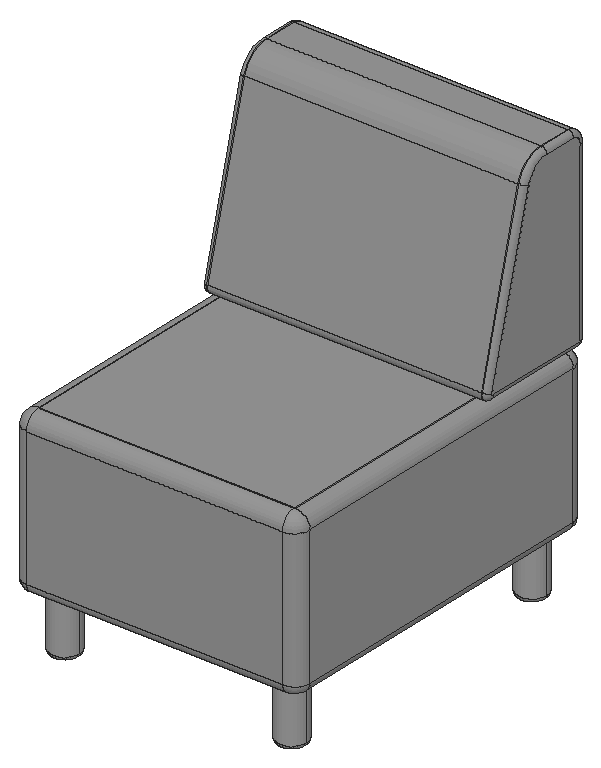
Revit family "7000C Single Chair Armless - Kids", category Generic Models, Revit 2018
Family settings
  Can host rebar = No
  Round Connector Dimension = Use Diameter
  Part Type = Normal
  Work Plane-Based = No
  Always vertical = Yes
  Cut with Voids When Loaded = No
  Shared = No
  Room Calculation Point = No
Parameters
  Top Fabric = 7000C Top Fabric
  Bottom Fabric = 7000C Bottom Fabric
Reference planes (in)
  plane 1 "Center (Front/Back)": y = 0
  plane 2: z = 0
  plane 3 "Center (Left/Right)": x = 0
Forms (in)
  Extrusion 1, solid, material "7000C Bottom Fabric" <- "Bottom Fabric"
    sketch origin (0, 0, 0) x (1, 0, 0) y (0, 1, 0)
      loop
        arc (-8.72909, 11.25066) -> (-8.74388, 11.24454) -> (-8.75, 11.22975) r 0.02091
        line (-8.75, 11.22975) -> (-8.75, -11.22975)
        arc (-8.75, -11.22975) -> (-8.74426, -11.2436) -> (-8.73041, -11.24934) r 0.01959
        line (-8.73041, -11.24934) -> (8.73041, -11.24934)
        arc (8.73041, -11.24934) -> (8.74426, -11.2436) -> (8.75, -11.22975) r 0.01959
        line (8.75, -11.22975) -> (8.75, 11.22975)
        arc (8.75, 11.22975) -> (8.74388, 11.24454) -> (8.72909, 11.25066) r 0.02091
        line (8.72909, 11.25066) -> (-8.72909, 11.25066)
    from 4 to 15
  Sweep 2, solid, material "7000C Bottom Fabric" <- "Bottom Fabric"
    path origin (0, 0, 0) x (1, 0, 0) y (0, 1, 0)
      loop
        line (8.72909, 11.25066) -> (-8.72909, 11.25066)
        arc (-8.72909, 11.25066) -> (-8.74388, 11.24454) -> (-8.75, 11.22975) r 0.02091
        line (-8.75, 11.22975) -> (-8.75, -11.22975)
        arc (-8.75, -11.22975) -> (-8.74426, -11.2436) -> (-8.73041, -11.24934) r 0.01959
        line (-8.73041, -11.24934) -> (8.73041, -11.24934)
        arc (8.73041, -11.24934) -> (8.74426, -11.2436) -> (8.75, -11.22975) r 0.01959
        line (8.75, -11.22975) -> (8.75, 11.22975)
        arc (8.75, 11.22975) -> (8.74388, 11.24454) -> (8.72909, 11.25066) r 0.02091
    profile origin (0, 11.25066, 0) x (0, -1, 0) y (0, 0, 1)
      loop
        arc (0, 15) -> (-0.70711, 14.70711) -> (-1, 14) r 1
        line (-1, 14) -> (-1, 4.61745)
        arc (-1, 4.61745) -> (-0.85933, 4.22019) -> (-0.5, 4) r 0.63124
        line (-0.5, 4) -> (0, 4) -> (0, 15)
  Revolve 3, solid, material "7000C Frame"
    sketch origin (0, -10.24934, 0) x (1, 0, 0) y (0, 0, 1)
      loop
        line (-7.75, 4) -> (-7.75, 0) -> (-6.95, 0)
        arc (-6.95, 0) -> (-6.80858, 0.05858) -> (-6.75, 0.2) r 0.2
        line (-6.75, 0.2) -> (-6.75, 4) -> (-7.75, 4)
      axis (-7.75, 4) -> (-7.75, 0)
    angle from 0 to 360
  Revolve 4, solid, material "7000C Frame"
    sketch origin (0, -10.24934, 0) x (-1, 0, 0) y (0, 0, -1)
      loop
        line (-7.75, -4) -> (-6.75, -4) -> (-6.75, -0.2)
        arc (-6.75, -0.2) -> (-6.80858, -0.05858) -> (-6.95, 0) r 0.2
        line (-6.95, 0) -> (-7.75, 0) -> (-7.75, -4)
      axis (-7.75, -4) -> (-7.75, 0)
    angle from 0 to 360
  Revolve 5, solid, material "7000C Frame"
    sketch origin (0, 10.24934, 0) x (1, 0, 0) y (0, 0, -1)
      loop
        line (-7.75, -4) -> (-6.75, -4) -> (-6.75, -0.2)
        arc (-6.75, -0.2) -> (-6.80858, -0.05858) -> (-6.95, 0) r 0.2
        line (-6.95, 0) -> (-7.75, 0) -> (-7.75, -4)
      axis (-7.75, -4) -> (-7.75, 0)
    angle from 0 to 360
  Revolve 6, solid, material "7000C Frame"
    sketch origin (0, 10.24934, 0) x (-1, 0, 0) y (0, 0, 1)
      loop
        line (-7.75, 4) -> (-7.75, 0) -> (-6.95, 0)
        arc (-6.95, 0) -> (-6.80858, 0.05858) -> (-6.75, 0.2) r 0.2
        line (-6.75, 0.2) -> (-6.75, 4) -> (-7.75, 4)
      axis (-7.75, 4) -> (-7.75, 0)
    angle from 0 to 360
  Extrusion 7, solid, material "7000C Top Fabric" <- "Top Fabric"
    sketch origin (0, 0, 0) x (0, 1, 0) y (0, 0, 1)
      loop
        line (12.25066, 15.5) -> (12.25066, 27.5)
        arc (12.25066, 27.5) -> (11.95777, 28.20711) -> (11.25066, 28.5) r 1
        line (11.25066, 28.5) -> (8.98349, 28.5)
        arc (8.98349, 28.5) -> (7.77094, 28.09051) -> (7.05491, 27.02973) r 2
        line (7.05491, 27.02973) -> (3.92437, 15.63243)
        arc (3.92437, 15.63243) -> (4.00889, 15.19686) -> (4.40652, 15) r 0.5
        line (4.40652, 15) -> (11.75066, 15)
        arc (11.75066, 15) -> (12.10421, 15.14645) -> (12.25066, 15.5) r 0.5
    from -9.365 to 9.365
  Extrusion 8, solid, material "7000C Top Fabric" <- "Top Fabric"
    sketch origin (0, 0, 0) x (0, 1, 0) y (0, 0, 1)
      loop
        arc (11.75066, 15.4) -> (11.82137, 15.42929) -> (11.85066, 15.5) r 0.1
        line (11.85066, 15.5) -> (11.85066, 27.5)
        arc (11.85066, 27.5) -> (11.67492, 27.92426) -> (11.25066, 28.1) r 0.6
        line (11.25066, 28.1) -> (8.98349, 28.1)
        arc (8.98349, 28.1) -> (8.01345, 27.77241) -> (7.44063, 26.92378) r 1.6
        line (7.44063, 26.92378) -> (4.31009, 15.52649)
        arc (4.31009, 15.52649) -> (4.32699, 15.43937) -> (4.40652, 15.4) r 0.1
        line (4.40652, 15.4) -> (11.75066, 15.4)
    from -9.75 to -9.365
  Sweep 9, solid, material "7000C Top Fabric" <- "Top Fabric"
    path origin (0, 0, 0) x (0, 1, 0) y (0, 0, 1)
      loop
        line (11.85066, 15.5) -> (11.85066, 27.5)
        arc (11.85066, 27.5) -> (11.67492, 27.92426) -> (11.25066, 28.1) r 0.6
        line (11.25066, 28.1) -> (8.98349, 28.1)
        arc (8.98349, 28.1) -> (8.01345, 27.77241) -> (7.44063, 26.92378) r 1.6
        line (7.44063, 26.92378) -> (4.31009, 15.52649)
        arc (4.31009, 15.52649) -> (4.32699, 15.43937) -> (4.40652, 15.4) r 0.1
        line (4.40652, 15.4) -> (11.75066, 15.4)
        arc (11.75066, 15.4) -> (11.82137, 15.42929) -> (11.85066, 15.5) r 0.1
    profile origin (0, 11.85066, 21.5) x (0, -1, 0) y (1, 0, 0)
      loop
        arc (-0.4, -9.365) -> (-0.27759, -9.63811) -> (0, -9.75) r 0.40029
        line (0, -9.75) -> (0, -9.365) -> (-0.4, -9.365)
  Extrusion 10, solid, material "7000C Top Fabric" <- "Top Fabric"
    sketch origin (0, 0, 0) x (0, 1, 0) y (0, 0, -1)
      loop
        line (11.75066, -15.4) -> (4.40652, -15.4)
        arc (4.40652, -15.4) -> (4.32699, -15.43937) -> (4.31009, -15.52649) r 0.1
        line (4.31009, -15.52649) -> (7.44063, -26.92378)
        arc (7.44063, -26.92378) -> (8.01345, -27.77241) -> (8.98349, -28.1) r 1.6
        line (8.98349, -28.1) -> (11.25066, -28.1)
        arc (11.25066, -28.1) -> (11.67492, -27.92426) -> (11.85066, -27.5) r 0.6
        line (11.85066, -27.5) -> (11.85066, -15.5)
        arc (11.85066, -15.5) -> (11.82137, -15.42929) -> (11.75066, -15.4) r 0.1
    from -9.75 to -9.365
  Sweep 11, solid, material "7000C Top Fabric" <- "Top Fabric"
    path origin (0, 0, 0) x (0, 1, 0) y (0, 0, -1)
      loop
        arc (11.85066, -15.5) -> (11.82137, -15.42929) -> (11.75066, -15.4) r 0.1
        line (11.75066, -15.4) -> (4.40652, -15.4)
        arc (4.40652, -15.4) -> (4.32699, -15.43937) -> (4.31009, -15.52649) r 0.1
        line (4.31009, -15.52649) -> (7.44063, -26.92378)
        arc (7.44063, -26.92378) -> (8.01345, -27.77241) -> (8.98349, -28.1) r 1.6
        line (8.98349, -28.1) -> (11.25066, -28.1)
        arc (11.25066, -28.1) -> (11.67492, -27.92426) -> (11.85066, -27.5) r 0.6
        line (11.85066, -27.5) -> (11.85066, -15.5)
    profile origin (0, 11.85066, 21.5) x (0, 1, 0) y (-1, 0, 0)
      loop
        line (0.4, -9.365) -> (0, -9.365) -> (0, -9.75)
        arc (0, -9.75) -> (0.27759, -9.63811) -> (0.4, -9.365) r 0.40029
Dimensions and locks (in)
  aligned and locked: plane 2 to level
